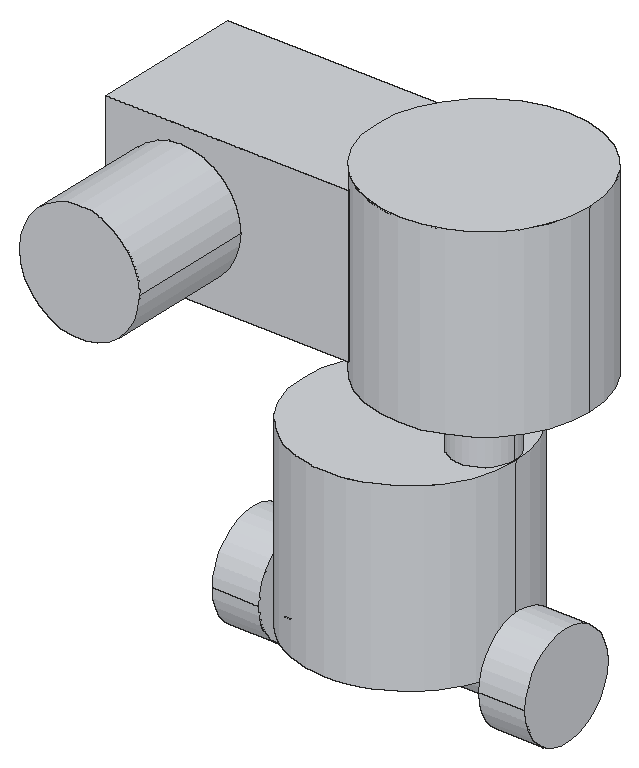
Revit family "8dc94d6763ca46f7aba9dabd4fec07f4", category Pipe Accessories, Revit 2021
Family settings
  Round Connector Dimension = Use Radius
  Part Type = Valve - Breaks Into
  OmniClass Number = 23.65.55.14.17
  OmniClass Title = Adjusting/Controlling Valves for Liquid Services
  Seek Item ID = Solenoid Valve - 0.5-3 Inch-0000-USA-ENU
  Work Plane-Based = No
  Always vertical = Yes
  Cut with Voids When Loaded = No
  Shared = No
Parameters (values of type "1/2"")
  Valve Material = none
  Symbol Radius = Nominal Diameter * 5 / 20  # 0' - 0 1/8"
  Stem Radius = Stem Diameter / 2  # 0' - 0 1/4"
  Stem Diameter = 0' - 0 1/2"
  Pipe Outside Diameter = Nominal Radius * 2.25  # 0' - 0 9/16"
  Open Height = 0' - 3 37/64"
  Nominal Radius = 1/4"
  Nominal Diameter = Nominal Radius * 2  # 1/2"
  Length 3 = Bonnet Diameter / 2.875  # 0' - 0.60462"
  Length 2 = Open Height / 1.38  # 0' - 2.59284"
  Length 1 = Coil Housing Diameter / 2 + 0' 0 1/8"  # 0' - 0.61439"
  Length 4 = Open Height - Half Coil Height  # 0' - 2.82642"
  K Coefficient = 0.46
  Half Coil Height = Coil  Height / 2  # 0' - 0.75171"
  Half Coil Cover Width = Coil Cover Width / 2  # 0' - 0.62642"
  Flange Thickness = 0' - 0 97/256"
  Flange Radius = Flange Diameter / 2  # 0' - 0.41992"
  Flange Diameter = 0' - 0 215/256"
  Default Elevation = 0' - 0"
  Coil Radius = Coil Diameter / 2  # 0' - 0.86914"
  Coil Housing Width = 0' - 1 87/256"
  Coil Housing Radius = Coil Housing Diameter / 2  # 0' - 0.48939"
  Coil Housing Diameter = Coil Cover Height / 1.28  # 0' - 0.97879"
  Coil Diameter = Bonnet Diameter  # 0' - 1 189/256"
  Coil Cover Width = Coil Cover Height  # 0' - 1.25284"
  Coil Cover Height = Coil  Height / 1.2  # 0' - 1.25284"
  Coil  Height = Bonnet Height  # 0' - 1.50341"
  Bottom Plug Height = 0' - 0 43/64"
  Bottom Plug Diameter = Nominal Diameter  # 0' - 0 1/2"
  Bonnet Radius = Bonnet Diameter / 2  # 0' - 0.86914"
  Bonnet Height = Open Height / 2.38  # 0' - 1.50341"
  Bonnet Diameter = 0' - 1 189/256"
  Body Length = 0' - 2 143/256"
Types (8): name | Symbol Radius | Stem Radius | Stem Diameter | Pipe Outside Diameter | Open Height | Nominal Radius | Nominal Diameter | Length 3 | Length 2 | Length 1 | Length 4 | K Coefficient | Half Coil Height | Half Coil Cover Width | Flange Thickness | Flange Radius | Flange Diameter | Coil Radius | Coil Housing Radius | Coil Housing Diameter | Coil Diameter | Coil Cover Width | Coil Cover Height | Coil  Height | Bottom Plug Height | Bottom Plug Diameter | Bonnet Radius | Bonnet Height | Bonnet Diameter | Body Length
  (no name) | 0' - 0 1/8" | 0' - 0 1/4" | 0' - 0 1/2" | 0' - 0 9/16" | 0' - 3 37/64" | 1/4" | 1/2" | 0' - 0.60462" | 0' - 2.59284" | 0' - 0.61439" | 0' - 2.82642" | 0.46 | 0' - 0.75171" | 0' - 0.62642" | 0' - 0 97/256" | 0' - 0.41992" | 0' - 0 215/256" | 0' - 0.86914" | 0' - 0.48939" | 0' - 0.97879" | 0' - 1 189/256" | 0' - 1.25284" | 0' - 1.25284" | 0' - 1.50341" | 0' - 0 43/64" | 0' - 0 1/2" | 0' - 0.86914" | 0' - 1.50341" | 0' - 1 189/256" | 0' - 2 143/256"
  1/2" | 0' - 0 1/8" | 0' - 0 1/4" | 0' - 0 1/2" | 0' - 0 9/16" | 0' - 3 37/64" | 1/4" | 1/2" | 0' - 0.60462" | 0' - 2.59284" | 0' - 0.61439" | 0' - 2.82642" | 0.46 | 0' - 0.75171" | 0' - 0.62642" | 0' - 0 97/256" | 0' - 0.41992" | 0' - 0 215/256" | 0' - 0.86914" | 0' - 0.48939" | 0' - 0.97879" | 0' - 1 189/256" | 0' - 1.25284" | 0' - 1.25284" | 0' - 1.50341" | 0' - 0 43/64" | 0' - 0 1/2" | 0' - 0.86914" | 0' - 1.50341" | 0' - 1 189/256" | 0' - 2 143/256"
  3/4" | 0' - 0 3/16" | 0' - 0 1/4" | 0' - 0 1/2" | 0' - 0 27/32" | 0' - 4 125/256" | 3/8" | 3/4" | 0' - 0.71332" | 0' - 3.25238" | 0' - 0.73888" | 0' - 3.54537" | 1.89 | 0' - 0.94292" | 0' - 0.78576" | 0' - 0 105/256" | 0' - 0.52539" | 0' - 1 13/256" | 0' - 1.02539" | 0' - 0.61388" | 0' - 1.22776" | 0' - 2 13/256" | 0' - 1.57153" | 0' - 1.57153" | 0' - 1.88583" | 0' - 1 5/256" | 0' - 0 3/4" | 0' - 1.02539" | 0' - 1.88583" | 0' - 2 13/256" | 0' - 2 205/256"
  1" | 0' - 0 1/4" | 0' - 0 3/8" | 0' - 0 3/4" | 0' - 1 1/8" | 0' - 4 83/128" | 1/2" | 1" | 0' - 0.91848" | 0' - 3.36843" | 0' - 0.76078" | 0' - 3 43/64" | 1.84 | 0' - 0 125/128" | 0' - 0.8138" | 0' - 0 113/256" | 0' - 0 169/256" | 0' - 1 41/128" | 0' - 1 41/128" | 0' - 0.63578" | 0' - 1.27157" | 0' - 2 41/64" | 0' - 1.6276" | 0' - 1.6276" | 0' - 1 61/64" | 0' - 1 23/128" | 0' - 1" | 0' - 1 41/128" | 0' - 1 61/64" | 0' - 2 41/64" | 0' - 3 25/32"
  1 1/2" | 0' - 0 3/8" | 0' - 0 3/8" | 0' - 0 3/4" | 0' - 1 11/16" | 0' - 5 5/64" | 3/4" | 1 1/2" | 0' - 1.11005" | 0' - 3.6798" | 0' - 0.81955" | 0' - 4.01129" | 3.68 | 0' - 1.06683" | 0' - 0.88903" | 0' - 0 143/256" | 0' - 0 243/256" | 0' - 1 115/128" | 0' - 1.5957" | 0' - 0.69455" | 0' - 1.38911" | 0' - 3 49/256" | 0' - 1.77805" | 0' - 1.77805" | 0' - 2.13367" | 0' - 1 27/64" | 0' - 1 1/2" | 0' - 1.5957" | 0' - 2.13367" | 0' - 3 49/256" | 0' - 4 125/256"
  2" | 0' - 0 1/2" | 0' - 0.43945" | 0' - 0 225/256" | 0' - 2 1/4" | 0' - 5 79/256" | 1" | 2" | 0' - 1.3288" | 0' - 3.84681" | 0' - 0.85107" | 0' - 4.19334" | 3.95 | 0' - 1.11525" | 0' - 0.92938" | 0' - 0 159/256" | 0' - 1.18945" | 0' - 2 97/256" | 0' - 1 233/256" | 0' - 0.72607" | 0' - 1.45215" | 0' - 3 105/128" | 0' - 1.85875" | 0' - 1.85875" | 0' - 2.2305" | 0' - 1 187/256" | 0' - 2" | 0' - 1 233/256" | 0' - 2.2305" | 0' - 3 105/128" | 0' - 5 5/128"
  2 1/2" | 0' - 0 5/8" | 0' - 0 1/2" | 0' - 1" | 0' - 2 13/16" | 0' - 8 105/128" | 1 1/4" | 2 1/2" | 0' - 2.2337" | 0' - 6.39153" | 0' - 1.33138" | 0' - 6.96731" | 3.15 | 0' - 1.85301" | 0' - 1.54417" | 0' - 0 177/256" | 0' - 1.43945" | 0' - 2 225/256" | 0' - 3 27/128" | 0' - 1.20638" | 0' - 2.41277" | 0' - 6 27/64" | 0' - 3.08834" | 0' - 3.08834" | 0' - 3.70601" | 0' - 3 1/2" | 0' - 2 1/2" | 0' - 3 27/128" | 0' - 3.70601" | 0' - 6 27/64" | 0' - 8 105/128"
  3" | 0' - 0 3/4" | 0' - 0 1/2" | 0' - 1" | 0' - 3 3/8" | 0' - 8 105/128" | 1 1/2" | 3" | 0' - 2.2337" | 0' - 6.39153" | 0' - 1.33138" | 0' - 6.96731" | 4.61 | 0' - 1.85301" | 0' - 1.54417" | 0' - 0 3/4" | 0' - 1 3/4" | 0' - 3 1/2" | 0' - 3 27/128" | 0' - 1.20638" | 0' - 2.41277" | 0' - 6 27/64" | 0' - 3.08834" | 0' - 3.08834" | 0' - 3.70601" | 0' - 3 1/2" | 0' - 3" | 0' - 3 27/128" | 0' - 3.70601" | 0' - 6 27/64" | 0' - 8 105/128"
Reference planes (in)
  plane 1 "Center (Front/Back)": y = 0
  plane 2: z = 0
  plane 3 "Center (Left/Right)": x = 0
  plane 4: x = 0.60462
  plane 5: x = 0.90039
  plane 6: x = 1.2793
  plane 7: x = -1.2793
  plane 8: z = 1.50341
  plane 9: x = -0.90039
  plane 10: z = 2.82642
  plane 11: z = 3.57812
  plane 12: z = 2.07471
  plane 13: y = 0.62642
  plane 14: y = -0.62642
  plane 15: z = 3.45284
  plane 16: z = 2.2
  plane 17: x = -1.98822
  plane 18: x = -1.37383
  plane 19: y = -1.65767
  plane 20: z = 2.54077
Forms (in)
  Extrusion 1, solid, material <- "Valve Material", detail levels fine
    sketch origin (0, 0, 0) x (0, 1, 0) y (0, 0, 1)
      loop
        circle (0, 0) r 0.25
    from -0.90039 to 0.90039
  Extrusion 2, solid, material <- "Valve Material", detail levels fine
    sketch origin (0, 0, 0) x (0, 1, 0) y (0, 0, 1)
      loop
        circle (0, 0) r 0.41992
    from 0.90039 to 1.2793
  Extrusion 3, solid, material <- "Valve Material", detail levels fine
    sketch origin (0, 0, 0) x (0, 1, 0) y (0, 0, -1)
      loop
        circle (0, 0) r 0.41992
    from 0.90039 to 1.2793
  Extrusion 4, solid, material <- "Valve Material", detail levels fine
    sketch origin (0, 0, 0) x (1, 0, 0) y (0, 1, 0)
      loop
        circle (0, 0) r 0.86914
    from 0 to 1.50341
  Extrusion 5, solid, material <- "Valve Material", detail levels fine
    sketch origin (0, 0, 0) x (1, 0, 0) y (0, 1, 0)
      loop
        circle (0.60462, 0) r 0.25
    from 1.50341 to 2.07471
  Extrusion 6, solid, material <- "Valve Material", detail levels fine
    sketch origin (0, 0, 0) x (1, 0, 0) y (0, 1, 0)
      loop
        circle (0.60462, 0) r 0.86914
    from 2.07471 to 3.57812
  Extrusion 7, solid, material <- "Valve Material", detail levels fine
    sketch origin (0, 0, 0) x (0, 1, 0) y (0, 0, 1)
      loop
        line (0.62642, 3.45284) -> (-0.62642, 3.45284) -> (-0.62642, 2.2) -> (0.62642, 2.2) -> (0.62642, 3.45284)
    from 0 to -1.98822
  Extrusion 8, solid, material <- "Valve Material", detail levels fine
    sketch origin (0, 0, 0) x (1, 0, 0) y (0, 0, 1)
      loop
        circle (-1.37383, 2.82642) r 0.48939
    from 0.62642 to 1.65767
  Extrusion 9, solid, material <- "Valve Material", detail levels fine
    sketch origin (0, 0, 0) x (0, 1, 0) y (0, 0, 1)
      loop
        line (0.62642, 3.45284) -> (-0.62642, 3.45284) -> (-0.62642, 2.2) -> (0.62642, 2.2) -> (0.62642, 3.45284)
    from -1.98822 to 0.60462
Cuts and joins
  joined: Extrusion 1, Extrusion 2, Extrusion 3, Extrusion 4, Extrusion 5, Extrusion 6
  joined: Extrusion 8, Extrusion 9
Lines and regions (in)
  model lines, detail levels coarse+medium
    curve 1: line (0, 0, 0) -> (1.2793, 0, 0.7386)
    curve 2: line (0, 0, 0) -> (1.2793, 0, -0.7386)
    curve 3: line (1.2793, 0, 0.7386) -> (1.2793, 0, -0.7386)
    curve 4: line (-1.2793, 0, 0.7386) -> (-1.2793, 0, -0.7386)
    curve 5: line (-1.2793, 0, -0.7386) -> (0, 0, 0)
    curve 6: line (0, 0, 0) -> (-1.2793, 0, 0.7386)
    curve 7: line (0, 0, 0) -> (0, 0, 1.50341)
    curve 8: line (0.90039, 0, 1.50341) -> (-0.90039, 0, 1.50341)
    curve 9: line (-0.90039, 0, 1.50341) -> (-0.90039, 0, 3.57812)
    curve 10: line (-0.90039, 0, 3.57812) -> (0.90039, 0, 3.57812)
    curve 11: line (0.90039, 0, 3.57812) -> (0.90039, 0, 1.50341)
    curve 12: arc (0, 0, 2.54077) -> (-0.08839, 0, 2.75416) -> (0.125, 0, 2.66577) r 0.125
    curve 13: arc (0, 0, 2.54077) -> (0.08839, 0, 2.32738) -> (-0.125, 0, 2.41577) r 0.125
Dimensions and locks (in)
  equal spacing: plane 7, plane 3 "Center (Left/Right)", plane 6
  "Body Length": plane 7 to plane 6
  "Bonnet Height": plane 8 to plane 2
  "Length 4": plane 10 to plane 2
  "Half Coil Height": plane 11 to plane 10
  equal spacing: plane 11, plane 10, plane 12
  "Half Coil Cover Width": plane 1 "Center (Front/Back)" to plane 14
  equal spacing: plane 13, plane 1 "Center (Front/Back)", plane 14
  equal spacing: plane 15, plane 10, plane 16
  "Half Coil Cover Width": plane 15 to plane 10
  "Length 2": plane 4 to plane 17
  "Length 1": plane 18 to plane 17
  locked: plane 14 to plane 19 at 1.03125
  "Flange Thickness": plane 7 to plane 9
  "Flange Thickness": plane 6 to plane 5
  "Length 3": plane 3 "Center (Left/Right)" to plane 4
  equal spacing: plane 11, plane 20, plane 8
  plane 10 to plane 20 to Extrusion 9 = 0' - 0.28565", 0' - 0.34077"
  "Nominal Radius": radius of Extrusion 1 sketch curve
  "Flange Radius": radius of Extrusion 2 sketch curve
  "Flange Radius": radius of Extrusion 3 sketch curve
  "Bonnet Radius": radius of Extrusion 4 sketch curve
  "Stem Radius": radius of Extrusion 5 sketch curve
  "Coil Radius": radius of Extrusion 6 sketch curve
  "Coil Housing Radius": radius of Extrusion 8 sketch curve
  "Symbol Radius": radius of curve 13
  "Symbol Radius": radius of curve 12
  locked: level to curve 1 (angle 30.00°)
  locked: curve 2 to level (angle 30.00°)
  locked: curve 6 to level (angle 30.00°)
  locked: plane 2 to curve 5 (angle 30.00°)
  aligned and locked: plane 1 "Center (Front/Back)" to Extrusion 1 sketch curve
  aligned and locked: plane 2 to Extrusion 1 sketch curve
  aligned and locked: plane 1 "Center (Front/Back)" to Extrusion 2 sketch curve
  aligned and locked: plane 2 to Extrusion 2 sketch curve
  aligned and locked: plane 6 to Extrusion 2
  aligned and locked: Extrusion 2 to plane 5
  aligned and locked: plane 5 to Extrusion 1
  aligned and locked: plane 9 to Extrusion 1
  aligned and locked: plane 7 to Extrusion 3
  aligned and locked: Extrusion 3 to Extrusion 1
  aligned and locked: plane 3 "Center (Left/Right)" to Extrusion 4 sketch curve
  aligned and locked: plane 1 "Center (Front/Back)" to Extrusion 4 sketch curve
  aligned and locked: plane 4 to Extrusion 5 sketch curve
  aligned and locked: plane 1 "Center (Front/Back)" to Extrusion 5 sketch curve
  aligned and locked: plane 8 to Extrusion 4
  aligned and locked: Extrusion 5 to plane 12
  aligned and locked: Extrusion 5 to plane 8
  aligned and locked: plane 4 to Extrusion 6 sketch curve
  aligned and locked: plane 1 "Center (Front/Back)" to Extrusion 6 sketch curve
  aligned and locked: plane 12 to Extrusion 6
  aligned and locked: plane 11 to Extrusion 6
  aligned and locked: plane 13 to Extrusion 7 sketch curve
  aligned and locked: plane 15 to Extrusion 7 sketch curve
  aligned and locked: plane 16 to Extrusion 7 sketch curve
  aligned and locked: plane 14 to Extrusion 7 sketch curve
  aligned and locked: Extrusion 7 to plane 17
  aligned and locked: plane 18 to Extrusion 8 sketch curve
  aligned and locked: plane 10 to Extrusion 8 sketch curve
  aligned and locked: plane 19 to Extrusion 8
  aligned and locked: Extrusion 8 to Extrusion 7
  aligned and locked: plane 13 to Extrusion 9 sketch curve
  aligned and locked: plane 15 to Extrusion 9 sketch curve
  aligned and locked: plane 16 to Extrusion 9 sketch curve
  aligned and locked: plane 14 to Extrusion 9 sketch curve
  aligned and locked: plane 4 to Extrusion 9
  aligned and locked: Extrusion 9 to plane 17
  aligned and locked: plane 2 to curve 1
  aligned and locked: plane 6 to curve 2
  aligned and locked: plane 3 "Center (Left/Right)" to curve 2
  aligned and locked: curve 3 to plane 6
  aligned and locked: curve 9 to plane 9
  aligned and locked: plane 3 "Center (Left/Right)" to curve 13
  aligned and locked: plane 20 to curve 13
Automatic sketch dimensions
  Extrusion 3 sketch curve to level = 0' - 0"
  Extrusion 3 sketch curve to plane 1 "Center (Front/Back)" = 0' - 0"
  curve 4 to plane 7 = 0' - 0"
  curve 8 to plane 5 = 0' - 0"
  curve 7 to plane 8 = 0' - 0"
  curve 11 to plane 11 = 0' - 0"
  curve 12 to plane 20 = 0' - 0"
Connectors (in)
  piping at (-1.2793, 0, 0), diameter 0.5, driven by "Nominal Radius"
    settings: on cut or joined group of Extrusion 1, Extrusion 2, Extrusion 3, Extrusion 4, Extrusion 5, Extrusion 6, index 1, connector inside diameter 1/2", connector length 0' - 0", flow factor 0, pipe flow 0 GPM, pressure drop 0.00 psi, fitting loss kfactor 0, connector angle 0.00°, fixture units 0, engagement length 0' - 0", angle of deflection 0.00°, flow configuration 0, flow direction 0, fitting loss method 2, system type 29, joint type 0, gender type 0, connector reference index 2, connector utility 0, adjustable connector no, is connector primary yes, connector description ""
  piping at (1.2793, 0, 0), diameter 0.5, driven by "Nominal Radius", driven by "K Coefficient"
    settings: on cut or joined group of Extrusion 1, Extrusion 2, Extrusion 3, Extrusion 4, Extrusion 5, Extrusion 6, index 2, connector inside diameter 1/2", connector length 0' - 0", flow factor 0, pipe flow 0 GPM, pressure drop 0.00 psi, fitting loss kfactor 0.46, connector angle 0.00°, fixture units 0, engagement length 0' - 0", angle of deflection 0.00°, flow configuration 0, flow direction 0, fitting loss method 2, system type 29, joint type 0, gender type 0, connector reference index 1, connector utility 0, adjustable connector no, is connector primary no, connector description ""
  electrical at (-1.98822, 0, 2.82642)
    settings: on Extrusion 9, index 3, voltage 0 V, apparent load 0 VA, apparent load phase1 0 VA, apparent load phase2 0 VA, apparent load phase3 0 VA, power factor 1, load classification "Other", number of poles 1, system type 13, power factor state 1, is connector primary yes, connector utility no, sub classification motor no, connector description ""
